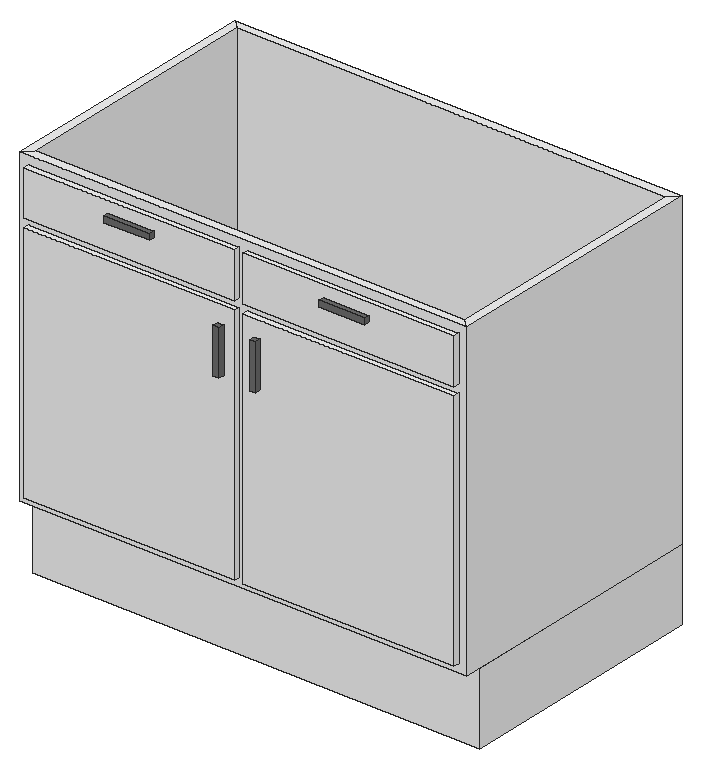
Revit family
Parameters (values of type "1000mm")
  Cabinet Material = none
  Depth = 600 mm
  Door/Drawer Material = none
  Handle Material = Cabinets - Handles
  Height = 860 mm
  Plinth Depth = 35 mm
  Plinth Height = 160 mm
  Width = 1000 mm
  Assembly Code = ""
Types (2, lengths in mm): name | Width
  600mm | 600
  1000mm | 1000
Reference planes
  plane 1 "Back": y = 0
  plane 2: z = 0
  plane 3 "Center": x = 18.738
  plane 4 "Left": x = -481.262
  plane 5 "Right": x = 518.738
  plane 6 "Front": y = -600
  plane 7 "Top": z = 860
  plane 8: y = -565
  plane 9: z = 160
  plane 10: z = 840.95
  plane 11: z = 179.05
  plane 12: x = -462.212
  plane 13: x = 499.688
  plane 14: z = 739.35
  plane 15: z = 720.3
  plane 16: x = -272.537
  plane 17: x = -170.937
  plane 18: z = 815.55
  plane 19: z = 802.85
  plane 20: z = 682.2
  plane 21: z = 580.6
  plane 22: x = -16.187
  plane 23: x = -28.887
  plane 24: x = 9.213
  plane 25: x = 28.263
  plane 26: x = 53.663
  plane 27: x = 66.363
  plane 28: x = -221.737
  plane 29: x = 259.213
  plane 30: x = 208.413
  plane 31: x = 310.013
  plane 32: z = 449.675
Forms (mm)
  Extrusion 1, solid, material <- "Cabinet Material"
    sketch origin (0, 0, 0) x (1, 0, 0) y (0, 1, 0)
      loop
        line (-481.262, 0) -> (-481.262, -565) -> (518.738, -565) -> (518.738, 0) -> (-481.262, 0)
    from 0 to 160
  Sweep 2, solid, material <- "Cabinet Material"
    path origin (0, 0, 0) x (1, 0, 0) y (0, 1, 0)
      loop
        line (518.738, 0) -> (-481.262, 0) -> (-481.262, -600) -> (518.738, -600) -> (518.738, 0)
    profile origin (0, -300, 0) x (1, 0, 0) y (0, 0, 1)
      loop
        line (518.738, 160) -> (518.738, 860) -> (499.688, 860) -> (499.688, 160) -> (518.738, 160)
  Extrusion 3, solid, material <- "Cabinet Material"
    sketch origin (0, 0, 0) x (1, 0, 0) y (0, 1, 0)
      loop
        line (-462.212, -19.05) -> (-462.212, -580.95) -> (499.688, -580.95) -> (499.688, -19.05) -> (-462.212, -19.05)
    from 179.05 to 160
  Extrusion 4, solid, material <- "Door/Drawer Material"
    sketch origin (0, -600, 0) x (1, 0, 0) y (0, 0, 1)
      loop
        line (-462.212, 840.95) -> (-462.212, 739.35) -> (9.213, 739.35) -> (9.213, 840.95) -> (-462.212, 840.95)
      loop
        line (28.263, 840.95) -> (28.263, 739.35) -> (499.688, 739.35) -> (499.688, 840.95) -> (28.263, 840.95)
      loop
        line (-462.212, 720.3) -> (-462.212, 179.05) -> (9.213, 179.05) -> (9.213, 720.3) -> (-462.212, 720.3)
      loop
        line (28.263, 720.3) -> (28.263, 179.05) -> (499.688, 179.05) -> (499.688, 720.3) -> (28.263, 720.3)
    from 0 to 12.7
  Extrusion 5, solid, material "Cabinets - Handles" <- "Handle Material"
    sketch origin (0, -600, 0) x (1, 0, 0) y (0, 0, 1)
      loop
        line (-272.537, 815.55) -> (-272.537, 802.85) -> (-170.937, 802.85) -> (-170.937, 815.55) -> (-272.537, 815.55)
      loop
        line (208.413, 815.55) -> (208.413, 802.85) -> (310.013, 802.85) -> (310.013, 815.55) -> (208.413, 815.55)
      loop
        line (-28.887, 682.2) -> (-28.887, 580.6) -> (-16.187, 580.6) -> (-16.187, 682.2) -> (-28.887, 682.2)
      loop
        line (53.663, 682.2) -> (53.663, 580.6) -> (66.363, 580.6) -> (66.363, 682.2) -> (53.663, 682.2)
    from 12.7 to 25.4
Lines and regions (mm)
  symbolic lines, style "Plan Rep - Below"
    curve 1: line (518.738, -600, 0) -> (-481.262, -600, 0)
    curve 2: line (518.738, 0, 0) -> (518.738, -600, 0)
    curve 3: line (-481.262, 0, 0) -> (518.738, 0, 0)
    curve 4: line (-481.262, -600, 0) -> (-481.262, 0, 0)
  model lines
    curve 5: line (499.688, -600, 739.35) -> (28.263, -600, 739.35)
    curve 6: line (499.688, -600, 840.95) -> (499.688, -600, 739.35)
    curve 7: line (-462.212, -600, 840.95) -> (9.213, -600, 840.95)
    curve 8: line (-462.212, -600, 739.35) -> (-462.212, -600, 840.95)
    curve 9: line (499.688, -600, 179.05) -> (28.263, -600, 179.05)
    curve 10: line (499.688, -600, 720.3) -> (499.688, -600, 179.05)
    curve 11: line (-462.212, -600, 720.3) -> (9.213, -600, 720.3)
    curve 12: line (-462.212, -600, 179.05) -> (-462.212, -600, 720.3)
    curve 13: line (-272.537, -600, 815.55) -> (-170.937, -600, 815.55)
    curve 14: line (-272.537, -600, 802.85) -> (-272.537, -600, 815.55)
    curve 15: line (-170.937, -600, 802.85) -> (-272.537, -600, 802.85)
    curve 16: line (-170.937, -600, 815.55) -> (-170.937, -600, 802.85)
    curve 17: line (-28.887, -600, 682.2) -> (-16.187, -600, 682.2)
    curve 18: line (-28.887, -600, 580.6) -> (-28.887, -600, 682.2)
    curve 19: line (-16.187, -600, 580.6) -> (-28.887, -600, 580.6)
    curve 20: line (-16.187, -600, 682.2) -> (-16.187, -600, 580.6)
    curve 21: line (28.263, -600, 179.05) -> (28.263, -600, 720.3)
    curve 22: line (9.213, -600, 179.05) -> (9.213, -600, 720.3)
    curve 23: line (66.363, -600, 682.2) -> (53.663, -600, 682.2)
    curve 24: line (66.363, -600, 580.6) -> (66.363, -600, 682.2)
    curve 25: line (53.663, -600, 580.6) -> (66.363, -600, 580.6)
    curve 26: line (53.663, -600, 682.2) -> (53.663, -600, 580.6)
    curve 27: line (28.263, -600, 720.3) -> (499.688, -600, 720.3)
    curve 28: line (9.213, -600, 179.05) -> (-462.212, -600, 179.05)
    curve 29: line (310.013, -600, 815.55) -> (208.413, -600, 815.55)
    curve 30: line (310.013, -600, 802.85) -> (310.013, -600, 815.55)
    curve 31: line (208.413, -600, 802.85) -> (310.013, -600, 802.85)
    curve 32: line (208.413, -600, 815.55) -> (208.413, -600, 802.85)
    curve 33: line (9.213, -600, 739.35) -> (9.213, -600, 840.95)
    curve 34: line (28.263, -600, 739.35) -> (28.263, -600, 840.95)
    curve 35: line (28.263, -600, 840.95) -> (499.688, -600, 840.95)
    curve 36: line (9.213, -600, 739.35) -> (-462.212, -600, 739.35)
  symbolic lines, style "Elevation Swing"
    curve 37: line (9.213, 0, 720.3) -> (-462.212, 0, 449.675)
    curve 38: line (-462.212, 0, 449.675) -> (9.213, 0, 179.05)
    curve 39: line (28.263, 0, 179.05) -> (499.688, 0, 449.675)
    curve 40: line (499.688, 0, 449.675) -> (28.263, 0, 720.3)
Dimensions and locks
  "Depth": plane 6 "Front" to plane 1 "Back"
  "Width": plane 4 "Left" to plane 5 "Right"
  equal spacing: plane 4 "Left", plane 3 "Center", plane 5 "Right"
  "Height": level to plane 7 "Top"
  "Plinth Height": plane 2 to plane 9
  "Plinth Depth": plane 6 "Front" to plane 8
  locked: plane 4 "Left" to plane 12 at 19.05
  locked: plane 13 to plane 5 "Right" at 19.05
  locked: plane 7 "Top" to plane 10 at 19.05
  locked: plane 11 to plane 9 at 19.05
  plane 10 to plane 14 to plane 15 = 101.6 mm locked, 19.05 mm locked
  plane 15 to plane 20 to plane 21 = 38.1 mm locked, 101.6 mm locked
  plane 10 to plane 18 to plane 19 = 25.4 mm locked, 12.7 mm locked
  plane 25 to plane 3 "Center" to plane 24 = 9.525 mm locked, 9.525 mm locked
  plane 24 to plane 22 to plane 23 = 25.4 mm locked, 12.7 mm locked
  plane 25 to plane 26 to plane 27 = 25.4 mm locked, 12.7 mm locked
  equal spacing: plane 12, plane 28, plane 3 "Center"
  equal spacing: plane 13, plane 29, plane 3 "Center"
  plane 16 to plane 28 to plane 17 = 50.8 mm locked, 50.8 mm locked
  plane 30 to plane 29 to plane 31 = 50.8 mm locked, 50.8 mm locked
  equal spacing: plane 15, plane 32, plane 11
  aligned and locked: plane 1 "Back" to Extrusion 1 sketch curve
  aligned and locked: Extrusion 1 sketch curve to plane 5 "Right"
  aligned and locked: Extrusion 1 sketch curve to plane 8
  aligned and locked: plane 4 "Left" to Extrusion 1 sketch curve
  aligned and locked: Extrusion 1 to level
  aligned and locked: Sweep 2 sketch curve to plane 6 "Front"
  aligned and locked: plane 1 "Back" to Sweep 2 sketch curve
  aligned and locked: Sweep 2 sketch curve to plane 5 "Right"  (x2)
  aligned and locked: plane 4 "Left" to Sweep 2 sketch curve
  aligned and locked: plane 7 "Top" to Sweep 2 sketch curve
  aligned and locked: plane 9 to Sweep 2 sketch curve
  aligned and locked: Sweep 2 to Extrusion 3 sketch curve  (x2)
  aligned and locked: Extrusion 3 sketch curve to Sweep 2  (x2)
  aligned and locked: Extrusion 3 to plane 11
  aligned and locked: Extrusion 3 to plane 9
  aligned and locked: plane 9 to Extrusion 1
Automatic sketch dimensions
  profile plane to Sweep 2 sketch curve = 19.05 mm
  curve 1 to plane 4 "Left" = 0 mm
  curve 3 to plane 1 "Back" = 0 mm
  curve 3 to plane 5 "Right" = 0 mm
  curve 1 to plane 6 "Front" = 0 mm
  Extrusion 4 sketch curve to plane 12 = 0 mm  (x2)
  Extrusion 4 sketch curve to plane 10 = 0 mm  (x2)
  Extrusion 4 sketch curve to plane 24 = 0 mm  (x2)
  Extrusion 4 sketch curve to plane 11 = 0 mm  (x2)
  Extrusion 4 sketch curve to plane 14 = 0 mm  (x2)
  Extrusion 4 sketch curve to plane 25 = 0 mm  (x2)
  Extrusion 4 sketch curve to plane 15 = 0 mm  (x2)
  Extrusion 4 sketch curve to plane 13 = 0 mm  (x2)
  Extrusion 5 sketch curve to plane 16 = 0 mm
  Extrusion 5 sketch curve to plane 17 = 0 mm
  Extrusion 5 sketch curve to plane 20 = 0 mm  (x2)
  Extrusion 5 sketch curve to plane 23 = 0 mm
  Extrusion 5 sketch curve to plane 21 = 0 mm  (x2)
  Extrusion 5 sketch curve to plane 22 = 0 mm
  Extrusion 5 sketch curve to plane 26 = 0 mm
  Extrusion 5 sketch curve to plane 27 = 0 mm
  Extrusion 5 sketch curve to plane 18 = 0 mm  (x2)
  Extrusion 5 sketch curve to plane 30 = 0 mm
  Extrusion 5 sketch curve to plane 19 = 0 mm  (x2)
  Extrusion 5 sketch curve to plane 31 = 0 mm
  curve 35 to plane 10 = 0 mm
  curve 35 to plane 13 = 0 mm
  curve 40 to plane 13 = 0 mm
  curve 10 to plane 13 = 0 mm
  curve 31 to plane 19 = 0 mm
  curve 31 to plane 31 = 0 mm
  curve 29 to plane 18 = 0 mm
  curve 29 to plane 30 = 0 mm
  curve 23 to plane 20 = 0 mm
  curve 23 to plane 27 = 0 mm
  curve 26 to plane 26 = 0 mm
  curve 27 to plane 15 = 0 mm
  curve 27 to plane 25 = 0 mm
  curve 39 to plane 11 = 0 mm
  curve 39 to plane 25 = 0 mm
  curve 34 to plane 25 = 0 mm
  curve 40 to plane 15 = 0 mm
  curve 40 to plane 25 = 0 mm
  curve 22 to plane 11 = 0 mm
  curve 22 to plane 24 = 0 mm
  curve 33 to plane 10 = 0 mm
  curve 33 to plane 24 = 0 mm
  curve 37 to plane 15 = 0 mm
  curve 37 to plane 24 = 0 mm
  curve 38 to plane 11 = 0 mm
  curve 38 to plane 24 = 0 mm
  curve 19 to plane 21 = 0 mm
  curve 19 to plane 22 = 0 mm
  curve 19 to plane 23 = 0 mm
  curve 16 to plane 17 = 0 mm
  curve 13 to plane 16 = 0 mm
  curve 36 to plane 12 = 0 mm
  curve 12 to plane 12 = 0 mm
  curve 38 to plane 12 = 0 mm
  curve 13 to plane 18 = 0 mm
  curve 15 to plane 19 = 0 mm
  curve 36 to plane 14 = 0 mm
  curve 5 to plane 14 = 0 mm
  curve 22 to plane 15 = 0 mm
  curve 20 to plane 20 = 0 mm
  curve 26 to plane 21 = 0 mm
  curve 40 to plane 32 = 0 mm
  curve 37 to plane 32 = 0 mm
  curve 9 to plane 11 = 0 mm
